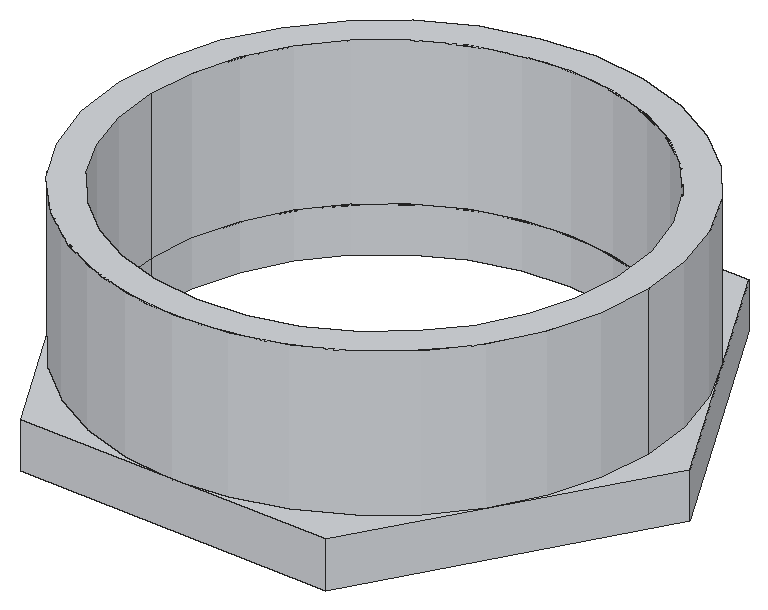
Revit family "MBBS5", category Generic Models, Revit 2017
Family settings
  Can host rebar = No
  Round Connector Dimension = Use Diameter
  Part Type = Normal
  Work Plane-Based = Yes
  Always vertical = No
  Cut with Voids When Loaded = No
  Shared = No
  Room Calculation Point = No
Parameters (values of type "NBS Standard Parameters")
  Weight = "0.0584Kg"
  WarrantyStartDate [instance] = "1900-12-31T23:59:59"
  WarrantyGuarantorParts = "n/a"
  WarrantyGuarantorLabor = "n/a"
  WarrantyDurationUnit = "1 year"
  WarrantyDurationParts = "1 year"
  WarrantyDurationLabor = "n/a"
  WarrantyDescription = "n/a"
  Version = "1"
  Uniclass2 = "Pr_65_70_11_20"
  TagNumber [instance] = "n/a"
  SustainabilityPerformance = "n/a"
  Size = "2\""
  Shape = "Circular"
  SerialNumber [instance] = "n/a"
  Revision = "n/a"
  ReplacementCost = "n/a"
  ProductInformation = "www.metpro.co.uk/pdf/mbbs5.pdf"
  NominalWidth = 52 mm
  NominalLength = 52 mm
  NominalHeight = 19 mm
  Name = ""
  NBSTypeID = ""
  NBSReference = "90-11-10/460"
  NBSOfficeMasterTag = ""
  NBSNote = ""
  NBSDescription = "Conduit Fittings"
  NBSCertification = ""
  ModelReference = "MBBS5"
  ModelNumber = "n/a"
  Material = "Brass"
  ManufacturerURL = "www.metpro.co.uk"
  ManufacturerName = "Metpro Ltd"
  InstallationDate [instance] = "1900-12-31T23:59:59"
  IfcExportType = ""
  IfcExportAs = ""
  Grade = "n/a"
  Finish = "Self Colour"
  Features = "n/a"
  ExpectedLife = "n/a"
  DurationUnit = "year"
  Description = "MBBS5 - 2\" Male Brass Bush - Short"
  Default Elevation = 1219.2 mm
  Constituents = "n/a"
  Color = "n/a"
  CodePerformance = "n/a"
  Category = "n/a"
  BarCode [instance] = "n/a"
  BIMObjectName = "Metpro_metprolibrary_conduitfittings_metalcomponents_brassaccessories"
  Author = "Metpro Ltd"
  AssetType = "Fixed"
  AssetIdentifier [instance] = "n/a"
  AccessibilityPerformance = "n/a"
Reference planes
  plane 1 "Center (Front/Back)": y = 0
  plane 2: z = 0
  plane 3 "Center (Left/Right)": x = 0
Forms (mm)
  Extrusion 1, solid
    sketch origin (0, 0, 0) x (1, 0, 0) y (0, 1, 0)
      loop
        circle (8.689, 13.293) r 23
      loop
        line (23.711, -12.726) -> (38.733, 13.293) -> (23.711, 39.312) -> (-6.333, 39.312) -> (-21.356, 13.293) -> (-6.333, -12.726) -> (23.711, -12.726)
    from 0 to 4.5
  Extrusion 2, solid
    sketch origin (0, 0, 4.5) x (1, 0, 0) y (0, 1, 0)
      loop
        circle (8.689, 13.293) r 23
      loop
        circle (8.689, 13.293) r 26.019
    from 0 to 14.5
Dimensions and locks
  aligned and locked: level to plane 2
